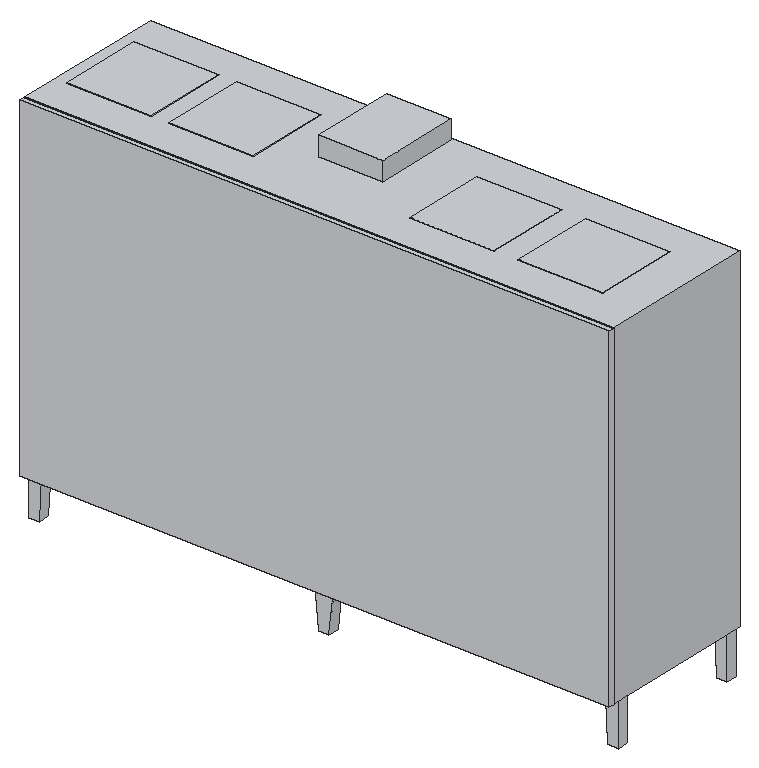
Revit family "AHU 3 _3", category Mechanické zařízení, Revit 2018
Family settings
  Kóta kulaté spojky = Použít průměr
  Typ dílu = Normální
  Číslo OmniClass = 23.75.00.00
  Nadpis OmniClass = Climate Control (HVAC)
  Založené na pracovní rovině = Ne
  Vždy vertikální = Ano
  Ořezat dutým tvarem při načtení = Ne
  Sdílené = Ne
  Bod výpočtu místnosti = Ne
Parameters (values of type "DUPLEXVENT 3500 Multi Eco-V")
  Width [instance] = 0.775 mm
  Weight [instance] = 449.00 kg
  URL = ""
  Type [instance] = "DUPLEXVENT 3500 Multi Eco-V"
  Total_SFP [instance] = 0
  Supply_outlet_hum [instance] = 90
  Supply_inlet_hum [instance] = 90
  Supply_ext_pressure [instance] = 0.0 Pa
  Supply_SFP [instance] = 0
  Source_adu_file [instance] = ""
  Recuperation_type [instance] = "Plate heat recovery exchanger"
  Recuperation_efficiency_EN308 [instance] = 0
  Project_name [instance] = ""
  Project_date [instance] = "10.8.2023"
  Power_supply_fusing [instance] = "0"
  Power_supply_cable [instance] = "0"
  Position [instance] = "AHU 3 "
  Phases_count [instance] = 3
  Panel_thickness [instance] = 0.06 mm
  Outer_surface [instance] = "RAL 9002"
  Length [instance] = 2.8 mm
  Insulation_type [instance] = "PUR"
  Insulation_thickness [instance] = 0.05 mm
  Installation_environment [instance] = ""
  Input_power_max [instance] = 5000 W
  Inner_surface [instance] = "Pozink"
  I2 [instance] = I1  # 0.0 L/s
  Height [instance] = 1.6 mm
  Exhaust_outlet_hum [instance] = 40
  Exhaust_inlet_hum [instance] = 40
  Exhaust_ext_pressure [instance] = 0.0 Pa
  Exhaust_SFP [instance] = 0
  E1 [instance] = E2 - M1  # 0.0 L/s
  E2 [instance] = 0.0 L/s
  I1 [instance] = 0.0 L/s
  Description = ""
  M1 [instance] = 0.0 L/s
  Device_dutypoint_version [instance] = "0"
  Device_design_version [instance] = "9"
  Device_adu_id [instance] = "3"
  Current_max [instance] = 7.6 A
  Casing_mat [instance] = "painted zinc layer"
  Cable type [instance] = "CYKY 5Jx2,5"
Reference planes
  plane 1 "Střed (vpředu/vzadu)": y = 0
  plane 2 "ref": z = 0
  plane 3 "Střed (vlevo/vpravo)": x = 0
Forms (mm)
  Sweep 1, solid
    path origin (0, 0, 0) x (0, 0, 1) y (1, 0, 0)
      loop
        line (0, 0) -> (1600, 0)
    profile origin (0, 0, 0) x (1, 0, 0) y (0, 1, 0)
      loop
        line (0, 0) -> (2800, 0) -> (2800, 745) -> (0, 745) -> (0, 0)
  Sweep 2, solid
    path origin (740, 380, 1599) x (0, 0, 1) y (1, 0, 0)
      loop
        line (0, 0) -> (1, 0)
    profile origin (740, 380, 1599) x (1, 0, 0) y (0, 1, 0)
      loop
        line (-200, -200) -> (200, -200) -> (200, 200) -> (-200, 200) -> (-200, -200)
  Sweep 3, solid
    path origin (2400, 380, 1599) x (0, 0, 1) y (1, 0, 0)
      loop
        line (0, 0) -> (1, 0)
    profile origin (2400, 380, 1599) x (1, 0, 0) y (0, 1, 0)
      loop
        line (-200, -200) -> (200, -200) -> (200, 200) -> (-200, 200) -> (-200, -200)
  Sweep 4, solid
    path origin (1885, 380, 1599) x (0, 0, 1) y (1, 0, 0)
      loop
        line (0, 0) -> (1, 0)
    profile origin (1885, 380, 1599) x (1, 0, 0) y (0, 1, 0)
      loop
        line (-200, -200) -> (200, -200) -> (200, 200) -> (-200, 200) -> (-200, -200)
  Sweep 5, solid
    path origin (255, 380, 1599) x (0, 0, 1) y (1, 0, 0)
      loop
        line (0, 0) -> (1, 0)
    profile origin (255, 380, 1599) x (1, 0, 0) y (0, 1, 0)
      loop
        line (-200, -200) -> (200, -200) -> (200, 200) -> (-200, 200) -> (-200, -200)
  Sweep 6, solid
    path origin (1250, 414, 0) x (0, -1, 0) y (0, 0, 1)
      loop
        line (0, 0) -> (0, -142)
    profile origin (1250, 414, 0) x (-1, 0, 0) y (0, -1, 0)
      loop
        circle (0, 0) r 8
  Sweep 7, solid
    path origin (1258, 414, -150) x (0, 0, -1) y (1, 0, 0)
      loop
        line (0, 0) -> (0, 14)
    profile origin (1258, 414, -150) x (0, 0, 1) y (0, -1, 0)
      loop
        circle (0, 0) r 8
  Sweep 8, solid
    path origin (1280, 414, -142) x (0, -1, 0) y (0, 0, 1)
      loop
        line (0, 0) -> (0, 59)
    profile origin (1280, 414, -142) x (0, 1, 0) y (-1, 0, 0)
      loop
        circle (0, 0) r 8
  Sweep 9, solid
    path origin (1288, 414, -75) x (0, 0, -1) y (1, 0, 0)
      loop
        line (0, 0) -> (0, 22)
    profile origin (1288, 414, -75) x (0, 0, 1) y (0, -1, 0)
      loop
        circle (0, 0) r 8
  Sweep 10, solid
    path origin (1730, 414, 0) x (0, -1, 0) y (0, 0, 1)
      loop
        line (0, 0) -> (0, -142)
    profile origin (1730, 414, 0) x (-1, 0, 0) y (0, -1, 0)
      loop
        circle (0, 0) r 8
  Sweep 11, solid
    path origin (1738, 414, -150) x (0, 0, -1) y (1, 0, 0)
      loop
        line (0, 0) -> (0, 14)
    profile origin (1738, 414, -150) x (0, 0, 1) y (0, -1, 0)
      loop
        circle (0, 0) r 8
  Sweep 12, solid
    path origin (1760, 414, -142) x (0, -1, 0) y (0, 0, 1)
      loop
        line (0, 0) -> (0, 59)
    profile origin (1760, 414, -142) x (0, 1, 0) y (-1, 0, 0)
      loop
        circle (0, 0) r 8
  Sweep 13, solid
    path origin (1768, 414, -75) x (0, 0, -1) y (1, 0, 0)
      loop
        line (0, 0) -> (0, 22)
    profile origin (1768, 414, -75) x (0, 0, 1) y (0, -1, 0)
      loop
        circle (0, 0) r 8
  Sweep 14, solid
    path origin (0, 0, 0) x (0, 0, 1) y (1, 0, 0)
      loop
        line (0, 0) -> (1600, 0)
    profile origin (0, 0, 0) x (1, 0, 0) y (0, 1, 0)
      loop
        line (0, -30) -> (2800, -30) -> (2800, -5) -> (0, -5) -> (0, -30)
  Sweep 15, solid
    path origin (25, 75, 0) x (1, 0, 0) y (0, 1, 0)
      loop
        line (0, 0) -> (0, -50)
    profile origin (25, 75, 0) x (1, 0, 0) y (0, 0, 1)
      loop
        line (-25, 0) -> (-25, -200) -> (25, -200) -> (35, 0) -> (-25, 0)
  Sweep 16, solid
    path origin (2775, 75, 0) x (1, 0, 0) y (0, 1, 0)
      loop
        line (0, 0) -> (0, -50)
    profile origin (2775, 75, 0) x (1, 0, 0) y (0, 0, 1)
      loop
        line (-35, 0) -> (-25, -200) -> (25, -200) -> (25, 0) -> (-35, 0)
  Sweep 17, solid
    path origin (25, 720, 0) x (1, 0, 0) y (0, 1, 0)
      loop
        line (0, 0) -> (0, -50)
    profile origin (25, 720, 0) x (1, 0, 0) y (0, 0, 1)
      loop
        line (-25, 0) -> (-25, -200) -> (25, -200) -> (35, 0) -> (-25, 0)
  Sweep 18, solid
    path origin (2775, 720, 0) x (1, 0, 0) y (0, 1, 0)
      loop
        line (0, 0) -> (0, -50)
    profile origin (2775, 720, 0) x (1, 0, 0) y (0, 0, 1)
      loop
        line (-35, 0) -> (-25, -200) -> (25, -200) -> (25, 0) -> (-35, 0)
  Sweep 19, solid
    path origin (1400, 75, 0) x (1, 0, 0) y (0, 1, 0)
      loop
        line (0, 0) -> (0, -50)
    profile origin (1400, 75, 0) x (1, 0, 0) y (0, 0, 1)
      loop
        line (-45, 0) -> (-25, -200) -> (25, -200) -> (45, 0) -> (-45, 0)
  Sweep 20, solid
    path origin (1400, 720, 0) x (1, 0, 0) y (0, 1, 0)
      loop
        line (0, 0) -> (0, -50)
    profile origin (1400, 720, 0) x (1, 0, 0) y (0, 0, 1)
      loop
        line (-45, 0) -> (-25, -200) -> (25, -200) -> (45, 0) -> (-45, 0)
  Sweep 21, solid
    path origin (0, 0, 1600) x (0, 0, 1) y (1, 0, 0)
      loop
        line (0, 0) -> (90, 0)
    profile origin (0, 0, 1600) x (1, 0, 0) y (0, 1, 0)
      loop
        line (1130, 330) -> (1435, 330) -> (1435, 735) -> (1130, 735) -> (1130, 330)
  Sweep 22, solid
    path origin (1130, 532, 1645) x (0, 0, -1) y (1, 0, 0)
      loop
        line (0, 0) -> (0, -1)
    profile origin (1130, 532, 1645) x (0, 0, -1) y (0, -1, 0)
      loop
        circle (0, 0) r 10
Lines and regions (mm)
  model lines, style "Symbol"
    curve 1: line (1400, -30, 1600) -> (1400, -30, 960)
    curve 2: line (700, -30, 1600) -> (700, -30, 480)
    curve 3: line (700, -30, 480) -> (920, -30, 480)
    curve 4: line (2100, -30, 1600) -> (2100, -30, 480)
    curve 5: line (2100, -30, 480) -> (1880, -30, 480)
    curve 6: line (920, -30, 480) -> (1160, -30, 960)
    curve 7: line (1160, -30, 960) -> (1640, -30, 960)
    curve 8: line (1640, -30, 960) -> (1880, -30, 480)
    curve 9: line (1880, -30, 480) -> (1640, -30, 0)
    curve 10: line (1640, -30, 0) -> (1400, -30, 0)
    curve 11: line (1400, -30, 0) -> (1160, -30, 0)
    curve 12: line (1160, -30, 0) -> (920, -30, 480)
    curve 13: line (2308, -30, 1140) -> (2362, -30, 1460)
    curve 14: line (2592, -30, 1140) -> (2538, -30, 1460)
    curve 15: line (208, -30, 1140) -> (262, -30, 1460)
    curve 16: line (492, -30, 1140) -> (438, -30, 1460)
    curve 17: line (770, -30, 1280) -> (1330, -30, 1280)
    curve 18: line (1330, -30, 1280) -> (1330, -30, 1120)
    curve 19: line (1330, -30, 1120) -> (770, -30, 1120)
    curve 20: line (770, -30, 1120) -> (770, -30, 1280)
    curve 21: line (770, -30, 1200) -> (1050, -30, 1120)
    curve 22: line (1330, -30, 1200) -> (1050, -30, 1120)
    curve 23: line (1470, -30, 1280) -> (2030, -30, 1280)
    curve 24: line (2030, -30, 1280) -> (2030, -30, 1120)
    curve 25: line (2030, -30, 1120) -> (1470, -30, 1120)
    curve 26: line (1470, -30, 1120) -> (1470, -30, 1280)
    curve 27: line (1470, -30, 1200) -> (1750, -30, 1120)
    curve 28: line (2030, -30, 1200) -> (1750, -30, 1120)
    curve 29: line (797, -30, 554) -> (1015, -30, 982)
    curve 30: line (1015, -30, 982) -> (1139, -30, 918)
    curve 31: line (1139, -30, 918) -> (921, -30, 490)
    curve 32: line (921, -30, 490) -> (797, -30, 554)
    curve 33: line (936, -30, 797) -> (1087, -30, 846)
    curve 34: line (849, -30, 626) -> (1000, -30, 675)
    curve 35: line (0, 745, -200) -> (0, 745, 0)
    curve 36: line (2800, 745, -200) -> (2800, 745, 0)
    curve 37: line (0, 745, -200) -> (2800, 745, -200)
    curve 38: line (0, 0, -200) -> (0, 0, 0)
    curve 39: line (2800, 0, -200) -> (2800, 0, 0)
    curve 40: line (0, 0, -200) -> (2800, 0, -200)
    curve 41: line (0, 745, -200) -> (0, 0, -200)
    curve 42: line (2800, 745, -200) -> (2800, 0, -200)
    curve 43: line (0, 200, -200) -> (200, 0, -200)
    curve 44: line (0, 400, -200) -> (400, 0, -200)
    curve 45: line (0, 600, -200) -> (600, 0, -200)
    curve 46: line (55, 745, -200) -> (800, 0, -200)
    curve 47: line (255, 745, -200) -> (1000, 0, -200)
    curve 48: line (455, 745, -200) -> (1200, 0, -200)
    curve 49: line (655, 745, -200) -> (1400, 0, -200)
    curve 50: line (855, 745, -200) -> (1600, 0, -200)
    curve 51: line (1055, 745, -200) -> (1800, 0, -200)
    curve 52: line (1255, 745, -200) -> (2000, 0, -200)
    curve 53: line (1455, 745, -200) -> (2200, 0, -200)
    curve 54: line (1655, 745, -200) -> (2400, 0, -200)
    curve 55: line (1855, 745, -200) -> (2600, 0, -200)
    curve 56: line (2055, 745, -200) -> (2800, 0, -200)
    curve 57: line (2255, 745, -200) -> (2800, 200, -200)
    curve 58: line (2455, 745, -200) -> (2800, 400, -200)
    curve 59: line (2655, 745, -200) -> (2800, 600, -200)
    curve 60: line (2800, 200, -200) -> (2800, 0, 0)
    curve 61: line (2800, 400, -200) -> (2800, 200, 0)
    curve 62: line (2800, 600, -200) -> (2800, 400, 0)
    curve 63: line (2800, 745, -145) -> (2800, 600, 0)
    curve 64: line (0, 0, 0) -> (200, 0, -200)
    curve 65: line (200, 0, 0) -> (400, 0, -200)
    curve 66: line (400, 0, 0) -> (600, 0, -200)
    curve 67: line (600, 0, 0) -> (800, 0, -200)
    curve 68: line (800, 0, 0) -> (1000, 0, -200)
    curve 69: line (1000, 0, 0) -> (1200, 0, -200)
    curve 70: line (1200, 0, 0) -> (1400, 0, -200)
    curve 71: line (1400, 0, 0) -> (1600, 0, -200)
    curve 72: line (1600, 0, 0) -> (1800, 0, -200)
    curve 73: line (1800, 0, 0) -> (2000, 0, -200)
    curve 74: line (2000, 0, 0) -> (2200, 0, -200)
    curve 75: line (2200, 0, 0) -> (2400, 0, -200)
    curve 76: line (2400, 0, 0) -> (2600, 0, -200)
    curve 77: line (2600, 0, 0) -> (2800, 0, -200)
    curve 78: line (0, 0, 2180) -> (0, 0, 1600)
    curve 79: line (2800, 0, 2180) -> (2800, 0, 1600)
    curve 80: line (0, 0, 2180) -> (2800, 0, 2180)
    curve 81: line (0, 745, 2180) -> (0, 745, 1600)
    curve 82: line (2800, 745, 2180) -> (2800, 745, 1600)
    curve 83: line (0, 745, 2180) -> (2800, 745, 2180)
    curve 84: line (0, 0, 2180) -> (0, 745, 2180)
    curve 85: line (2800, 0, 2180) -> (2800, 745, 2180)
    curve 86: line (0, 545, 2180) -> (200, 745, 2180)
    curve 87: line (0, 345, 2180) -> (400, 745, 2180)
    curve 88: line (0, 145, 2180) -> (600, 745, 2180)
    curve 89: line (55, 0, 2180) -> (800, 745, 2180)
    curve 90: line (255, 0, 2180) -> (1000, 745, 2180)
    curve 91: line (455, 0, 2180) -> (1200, 745, 2180)
    curve 92: line (655, 0, 2180) -> (1400, 745, 2180)
    curve 93: line (855, 0, 2180) -> (1600, 745, 2180)
    curve 94: line (1055, 0, 2180) -> (1800, 745, 2180)
    curve 95: line (1255, 0, 2180) -> (2000, 745, 2180)
    curve 96: line (1455, 0, 2180) -> (2200, 745, 2180)
    curve 97: line (1655, 0, 2180) -> (2400, 745, 2180)
    curve 98: line (1855, 0, 2180) -> (2600, 745, 2180)
    curve 99: line (2055, 0, 2180) -> (2800, 745, 2180)
    curve 100: line (2255, 0, 2180) -> (2800, 545, 2180)
    curve 101: line (2455, 0, 2180) -> (2800, 345, 2180)
    curve 102: line (2655, 0, 2180) -> (2800, 145, 2180)
    curve 103: line (2800, 545, 2180) -> (2800, 745, 1980)
    curve 104: line (2800, 345, 2180) -> (2800, 745, 1780)
    curve 105: line (2800, 145, 2180) -> (2800, 725, 1600)
    curve 106: line (2800, 0, 2125) -> (2800, 525, 1600)
    curve 107: line (2800, 0, 1925) -> (2800, 325, 1600)
    curve 108: line (2800, 0, 1725) -> (2800, 125, 1600)
    curve 109: line (0, 745, 1980) -> (200, 745, 2180)
    curve 110: line (0, 745, 1780) -> (400, 745, 2180)
    curve 111: line (20, 745, 1600) -> (600, 745, 2180)
    curve 112: line (220, 745, 1600) -> (800, 745, 2180)
    curve 113: line (420, 745, 1600) -> (1000, 745, 2180)
    curve 114: line (620, 745, 1600) -> (1200, 745, 2180)
    curve 115: line (820, 745, 1600) -> (1400, 745, 2180)
    curve 116: line (1020, 745, 1600) -> (1600, 745, 2180)
    curve 117: line (1220, 745, 1600) -> (1800, 745, 2180)
    curve 118: line (1420, 745, 1600) -> (2000, 745, 2180)
    curve 119: line (1620, 745, 1600) -> (2200, 745, 2180)
    curve 120: line (1820, 745, 1600) -> (2400, 745, 2180)
    curve 121: line (2020, 745, 1600) -> (2600, 745, 2180)
    curve 122: line (2220, 745, 1600) -> (2800, 745, 2180)
    curve 123: line (2420, 745, 1600) -> (2800, 745, 1980)
    curve 124: line (2620, 745, 1600) -> (2800, 745, 1780)
    curve 125: line (0, -30, 0) -> (0, -30, 1600)
    curve 126: line (0, -30, 1600) -> (1120, -30, 1600)
    curve 127: line (1120, -30, 1600) -> (1120, -30, 0)
    curve 128: line (1120, -30, 0) -> (0, -30, 0)
    curve 129: line (1680, -30, 0) -> (1680, -30, 1600)
    curve 130: line (1680, -30, 1600) -> (2800, -30, 1600)
    curve 131: line (2800, -30, 1600) -> (2800, -30, 0)
    curve 132: line (2800, -30, 0) -> (1680, -30, 0)
    curve 133: line (0, -30, 0) -> (2800, -30, 0)
    curve 134: line (0, -30, 1600) -> (2800, -30, 1600)
    curve 135: line (0, -30, 0) -> (0, -30, 1600)
    curve 136: line (2800, -30, 0) -> (2800, -30, 1600)
    curve 137: line (0, -30, 0) -> (0, -5, 0)
    curve 138: line (2800, -30, 0) -> (2800, -5, 0)
    curve 139: line (0, -30, 1600) -> (0, -5, 1600)
    curve 140: line (2800, -30, 1600) -> (2800, -5, 1600)
    curve 141: circle (2450, -30, 1280) r 200 normal (0, -1, 0)
    curve 142: circle (350, -30, 1280) r 200 normal (0, -1, 0)
    curve 143: circle (1012, -30, 822) r 21 normal (0, -1, 0)
    curve 144: circle (924, -30, 650) r 21 normal (0, -1, 0)
    curve 145: circle (1250, 414, 0) r 8 normal (0, 0, -1)
    curve 146: circle (1250, 414, -142) r 8 normal (0, 0, -1)
    curve 147: circle (1730, 414, 0) r 8 normal (0, 0, -1)
    curve 148: circle (1730, 414, -142) r 8 normal (0, 0, -1)
Dimensions and locks
  aligned and locked: level to plane 2 "ref"
Connectors
  hvac at (740, 380, 1600), driven by "E1"
    settings: on Sweep 2, index 1, duct flow 0.0 L/s, flow factor 0, pres drop 0.0 Pa, loss coef 0, conn angle 0.00°, conn width 400 mm, conn height 400 mm, conn diameter 609.6 mm, duct sys type 1, conn prof type 1, flow config 1, flow direction 1, loss method 0, conn ref index -1, conn util no, is conn primary yes, conn desc ""
  hvac at (2400, 380, 1600), driven by "E2"
    settings: on Sweep 3, index 2, duct flow 0.0 L/s, flow factor 1, pres drop 0.0 Pa, loss coef 0, conn angle 0.00°, conn width 400 mm, conn height 400 mm, conn diameter 609.6 mm, duct sys type 1, conn prof type 1, flow config 2, flow direction 2, loss method 0, conn ref index -1, conn util no, is conn primary no, conn desc ""
  hvac at (1885, 380, 1600), driven by "I1"
    settings: on Sweep 4, index 3, duct flow 0.0 L/s, flow factor 1, pres drop 0.0 Pa, loss coef 0, conn angle 0.00°, conn width 400 mm, conn height 400 mm, conn diameter 609.6 mm, duct sys type 3, conn prof type 1, flow config 2, flow direction 1, loss method 0, conn ref index -1, conn util no, is conn primary no, conn desc ""
  hvac at (255, 380, 1600), driven by "I2"
    settings: on Sweep 5, index 4, duct flow 0.0 L/s, flow factor 0, pres drop 0.0 Pa, loss coef 0, conn angle 0.00°, conn width 400 mm, conn height 400 mm, conn diameter 609.6 mm, duct sys type 3, conn prof type 1, flow config 1, flow direction 2, loss method 0, conn ref index -1, conn util no, is conn primary no, conn desc ""
  piping at (1310, 414, -75), diameter 40
    settings: on Sweep 9, index 5, connector inside diameter 609.6 mm, connector length 0 mm, flow factor 0, pipe flow 0.0 L/s, pressure drop 0.0 Pa, fitting loss kfactor 0, connector angle 0.00°, fixture units 0, engagement length 0 mm, angle of deflection 0.00°, flow configuration 1, flow direction 2, fitting loss method 0, system type 16, joint type 0, gender type 0, connector reference index -1, connector utility 0, adjustable connector no, is connector primary yes, connector description ""
  piping at (1790, 414, -75), diameter 40
    settings: on Sweep 13, index 6, connector inside diameter 609.6 mm, connector length 0 mm, flow factor 0, pipe flow 0.0 L/s, pressure drop 0.0 Pa, fitting loss kfactor 0, connector angle 0.00°, fixture units 0, engagement length 0 mm, angle of deflection 0.00°, flow configuration 1, flow direction 2, fitting loss method 0, system type 16, joint type 0, gender type 0, connector reference index -1, connector utility 0, adjustable connector no, is connector primary no, connector description ""
  electrical at (1129, 532, 1645)
    settings: on Sweep 22, index 7, voltage 400 V, apparent load 0 VA, apparent load phase1 0 VA, apparent load phase2 0 VA, apparent load phase3 0 VA, power factor 1, load classification "Další", number of poles 3, system type 31, power factor state 1, is connector primary yes, connector utility no, sub classification motor no, connector description ""
